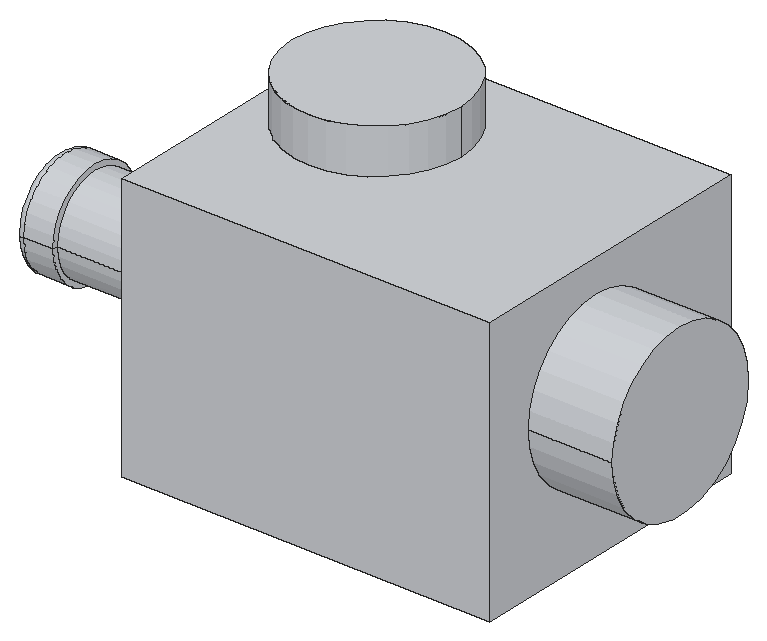
Revit family "HVAC_Flue-Fan_DaVinci_InLine-LowPower-Vent", category Mechanical Equipment, Revit 2026
Family settings
  Round Connector Dimension = Use Diameter
  Part Type = Normal
  Classification Number = 23.75.35.17.11
  Work Plane-Based = Yes
  Always vertical = No
  Cut with Voids When Loaded = No
  Maintain Annotation Orientation = No
  Shared = No
  Room Calculation Point = No
Parameters (values of type "as Specified")
  Warranty Duration (Years) = 0
  Unit Width = 1' - 5 3/8"
  Unit Weight = 38
  Unit Height = 1' - 0 5/8"
  Unit Depth = 1' - 2 1/4"
  URL = "http://www.davincifireplace.com/"
  Type Comments = "Avoid Installing Motor Face Down"
  Specification = "http://www.arcat.com/sdspecs/htm04/10_31_00.10tra.htm"
  SpecWizard = "http://www.arcat.com/specwizard/10307tra/index04.htm"
  Send Message = ""
  Sales Information = "http://www.davincifireplace.com/ContactUs.aspx"
  Rotate Vertical [instance] = no
  Rotate [instance] = if(Rotate Vertical, 90.00°, 0.00°)  # 0.00°
  Revision = "R1_2017-08"
  Product Properties = ""
  Product Data = "http://www.arcat.com/arcatcos/cos49/arc49714.html"
  Operating Temperature = 400 °F
  Move Vertically [instance] = if(Rotate Vertical, 1' 0 11/16", 0' 0")  # 0' - 0"
  Move Horizontally [instance] = if(Rotate Vertical, 0' 7 1/8", 0' 0")  # 0' - 0"
  Motor RPM = 1600
  Motor HP = 0.2
  Model = "RSIF 160"
  Manufacturer Website = "http://www.davincifireplace.com/"
  Manufacturer Phone - Toll Free = "800-654-1177"
  Manufacturer Phone = "425-609-2500"
  Manufacturer Fax = "425-609-2781"
  Manufacturer Address = "12521 Harbour Reach Dr.  Mukilteo, WA 98275"
  Manufacturer = "DaVinci Custom Fireplaces"
  Maintenance Schedule (Months) = 0
  Keynote = "10 31 00"
  Installation-Fabrication = ""
  Installation Phase = ""
  Housing Finish [instance] = none
  HVAC_Entry Diameter [instance] = 8"
  Green Building-LEED = ""
  Expected Lifespan (Years) = 0
  Electrical_Wattage = 160 W
  Electrical_Voltage = 120 V
  Electrical_Phase = 1
  Electrical_Number of Poles = 1
  Electrical_Amperage = 2.9 A
  Drawn By = "Sumex Design, Inc. / Robert S. Weygant, CSI, CDT, SCIP"
  Description = "DaVinci In Line Interior Power Vent - RSIF 160 as Specified"
  Default Elevation = 0' - 0"
  Copyright = "©Arcat Inc."
  Construction Details = "http://www.arcat.com/details/davinfp/davinfp.html?coid=49714"
  Assembly Code = "D3060500"
Reference planes (in)
  plane 1 "Center (Front/Back)": y = 0
  plane 2 "Bottom": z = 0
  plane 3 "Center (Left/Right)": x = 0
  plane 4: z = 0
  plane 5: x = 0
Lines and regions (in)
  reference lines
    curve 1: line (0, 0, 0) -> (0, 0, 30.07893)
Dimensions and locks (in)
  "Move Vertically": plane 4 to level
  "Move Horizontally": plane 3 "Center (Left/Right)" to plane 5
  "Rotate": angle curve 1 to plane 3 "Center (Left/Right)"
  aligned and locked: plane 1 "Center (Front/Back)" to nested 1
  aligned and locked: plane 4 to curve 1
  aligned and locked: plane 5 to curve 1
Nested families (in)
  nested 1: "Housing" at (0, 0, 0), finish <- "Housing Finish", type "Housing"
    with finish none
Connectors (in)
  hvac at (12.6875, 0, 7.125), driven by "HVAC_Entry Diameter"
    settings: on nested 1, index 1, duct flow 0 CFM, flow factor 0, pres drop 0.00 in-wg, loss coef 0, conn angle 0.00°, conn width 12", conn height 12", conn diameter 8", duct sys type 3, conn prof type 0, flow config 0, flow direction 1, loss method 0, conn ref index -1, conn util no, is conn primary yes, conn desc "Exhaust Air In"
  hvac at (-3.9375, 2.875, 14.75), driven by "HVAC_Entry Diameter"
    settings: on nested 1, index 2, duct flow 0 CFM, flow factor 0, pres drop 0.00 in-wg, loss coef 0, conn angle 0.00°, conn width 12", conn height 12", conn diameter 8", duct sys type 3, conn prof type 0, flow config 0, flow direction 2, loss method 0, conn ref index -1, conn util no, is conn primary no, conn desc "Exhaust Air Out"
  electrical at (0, 0.875, 12.625), driven by "Electrical_Number of Poles", driven by "Electrical_Voltage", driven by "Electrical_Wattage"
    settings: on nested 1, index 3, voltage 120 V, apparent load 0 VA, apparent load phase1 160 VA, apparent load phase2 0 VA, apparent load phase3 0 VA, power factor 1, load classification "Motor", number of poles 1, system type 31, power factor state 1, is connector primary yes, connector utility no, sub classification motor no, connector description ""
Definition of nested family "Housing"
  Parameters
    finish [instance] = none
    Default Elevation = 4' - 0"
  Reference planes (in)
    plane 1 "Center (Front/Back)": y = 0
    plane 2: z = 0
    plane 3 "Center (Left/Right)": x = 0
  Forms (in)
    Extrusion 1, solid, material <- "finish"
      sketch origin (0, 0.875, 0) x (1, 0, 0) y (0, 1, 0)
        loop
          line (-8.6875, 7.125) -> (-8.6875, -7.125) -> (8.6875, -7.125) -> (8.6875, 7.125) -> (-8.6875, 7.125)
      from 0 to 12.625
    Extrusion 2, solid, material <- "finish"
      sketch origin (8.6875, 10.75, 0) x (0, -1, 0) y (0, 0, -1)
        loop
          circle (10.75, -7.125) r 4
      from 0 to 4
    Extrusion 3, solid, material <- "finish"
      sketch origin (0, 0.875, 12.625) x (1, 0, 0) y (0, 1, 0)
        loop
          circle (-3.9375, 2) r 4
      from 0 to 2.125
    Revolve 4, solid, material <- "finish"
      sketch origin (0, 0.375, 6.25) x (1, 0, 0) y (0, 1, 0)
        loop
          line (-8.6875, -3.25) -> (-8.6875, -1) -> (-16.1875, -1) -> (-16.1875, -3.125)
          arc (-16.1875, -3.125) -> (-16.07767, -3.39017) -> (-15.8125, -3.5) r 0.375
          line (-15.8125, -3.5) -> (-14.4375, -3.5) -> (-14.4375, -3.25) -> (-8.6875, -3.25)
        axis (-8.6875, -1) -> (-16.1875, -1)
      angle from 0 to 360
  Dimensions and locks (in)
    aligned and locked: plane 2 to level
